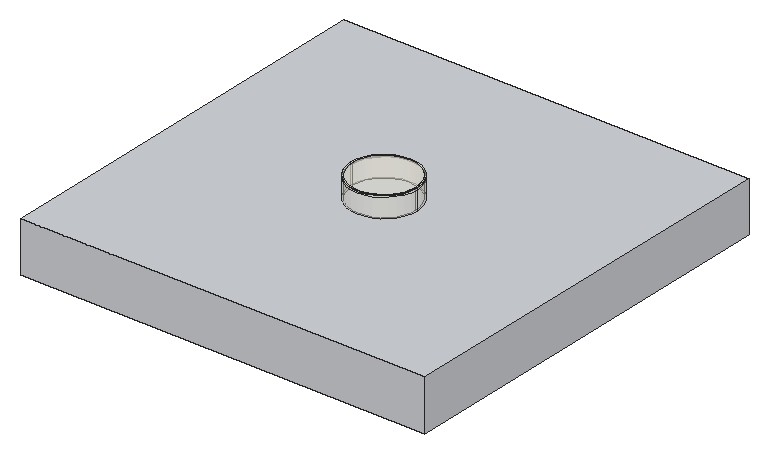
Revit family "M_Luminária de arandela - Redonda plana", category Luminárias, Revit 2019
Family settings
  Hospedeiro = Face
  Cota do conector redondo = Utilizar diâmetro
  Tipo de parte = Normal
  Número OmniClass = 23.80.70.11.11
  Título OmniClass = General Luminaries, Non Directional
  ID de item do Seek = Sconce Light - Flat Round-0000-CAN-ENU
  Corte com vazios quando carregada = Não
  Fonte luminosa = Sim
  Compartilhado = Não
  Ponto de cálculo do ambiente = Não
Parameters (values of type "100W - 120V")
  Wattage = 100 W
  built-in parameter 1150110 = 1 (stored number, unit not read)
  built-in parameter 1150109 = 1 (stored number, unit not read)
  built-in parameter 1150134 = 4
  built-in parameter 1150113 = 1 (stored number, unit not read)
  Tilt Angle = -90.00°
  Material de sombra = Vidro, Jateado
  Raio = 200 mm
  Arquivo de rede fotométrica = "TLAE1A21.ies"
  Lumens = 1200 lm
  built-in parameter 1114217 = 1 (stored number, unit not read)
  built-in parameter 1150115 = 1 (stored number, unit not read)
  built-in parameter 1150105 = 95.493 (stored number, unit not read)
  Classificação de carga = Iluminação - Unidade de interrupção
  built-in parameter 1150137 = 1
  built-in parameter 1150139 = (empty or 0)
  built-in parameter 1150112 = 1 (stored number, unit not read)
  built-in parameter 1150114 = 1 (stored number, unit not read)
  Lâmpada = "R-30"
  built-in parameter 1150132 = (empty or 0)
  built-in parameter 1150102 = (empty or 0)
  built-in parameter 1150138 = (empty or 0)
  built-in parameter 1150107 = 2800 (stored number, unit not read)
  built-in parameter 1150106 = 0.95493 (stored number, unit not read)
  built-in parameter 1150104 = 1.1148 (stored number, unit not read)
  Dimming Lamp Color Temperature Shift = (empty or 0)
  Elevação-padrão = 1900 mm
  Color Filter = 16777215
  built-in parameter 1140040 [instance] = 1
  Voltagem do transformador = 120 V
  Transformador por número de postes = 1
  built-in parameter 1114218 = 1 (stored number, unit not read)
  built-in parameter 1150133 = 10 (stored number, unit not read)
  Código de montagem = "D5020220"
  Carga aparente = 100 VA
Types (4, lengths in mm): name | Wattage | Arquivo de rede fotométrica | Lumens | built-in parameter 1150105 | Lâmpada | built-in parameter 1150106 | built-in parameter 1150104 | Voltagem do transformador | Carga aparente
  60W - 120V | 60 W | "TLAE1A19.ies" | 855 lm | 68.039 (stored number, unit not read) | "A-19" | 0.68039 (stored number, unit not read) | 1.3239 (stored number, unit not read) | 120 V | 60 VA
  60W - 277V | 60 W | "TLAE1A19.ies" | 855 lm | 68.039 (stored number, unit not read) | "A-19" | 0.68039 (stored number, unit not read) | 1.3239 (stored number, unit not read) | 277 V | 60 VA
  100W - 120V | 100 W | "TLAE1A21.ies" | 1200 lm | 95.493 (stored number, unit not read) | "R-30" | 0.95493 (stored number, unit not read) | 1.1148 (stored number, unit not read) | 120 V | 100 VA
  100W - 277V | 100 W | "TLAE1A21.ies" | 1200 lm | 95.493 (stored number, unit not read) | "R-30" | 0.95493 (stored number, unit not read) | 1.1148 (stored number, unit not read) | 277 V | 100 VA
Reference planes
  plane 1 "Centro (Frente/Trás)": y = 0
  plane 2: z = 0
  plane 3 "Centro (Esquerda/Direita)": x = 0
  plane 4: z = 63.5
Forms (mm)
  Extrusion 1, solid
    sketch origin (0, 0, 0) x (1, 0, 0) y (0, 1, 0)
      loop
        line (-1219.2, 1219.2) -> (-1219.2, -1219.2) -> (1219.2, -1219.2) -> (1219.2, 1219.2) -> (-1219.2, 1219.2)
    from 0 to -304.8
  Extrusion 2, solid, material "Vidro, Jateado" <- "Material de sombra"
    sketch origin (0, 0, 0) x (1, 0, 0) y (0, 1, 0)
      loop
        circle (0, 0) r 200
      loop
        circle (0, 0) r 190.5
    from 0 to 127
  Extrusion 3, solid, material "Vidro, Jateado" <- "Material de sombra"
    sketch origin (0, 0, 0) x (1, 0, 0) y (0, 1, 0)
      loop
        circle (0, 0) r 200
    from 114.3 to 127
  Extrusion 4, solid, material "Vidro, Jateado" <- "Material de sombra"
    sketch origin (0, 0, 0) x (1, 0, 0) y (0, 1, 0)
      loop
        circle (0, 0) r 200
    from 0 to 127
Dimensions and locks
  locked: plane 4 to plane 2 at 63.5
  "Raio": radius of Extrusion 4 sketch curve
  "Raio": radius of Extrusion 3 sketch curve
  "Raio": radius of Extrusion 2 sketch curve
  aligned and locked: plane 2 to Extrusion 1
  aligned and locked: level to Extrusion 1
  aligned and locked: plane 3 "Centro (Esquerda/Direita)" to Extrusion 2 sketch curve  (x2)
  aligned and locked: plane 1 "Centro (Frente/Trás)" to Extrusion 2 sketch curve  (x2)
  aligned and locked: Extrusion 2 to plane 2
  aligned and locked: plane 3 "Centro (Esquerda/Direita)" to Extrusion 3 sketch curve
  aligned and locked: plane 1 "Centro (Frente/Trás)" to Extrusion 3 sketch curve
  aligned and locked: Extrusion 3 to Extrusion 2
  aligned and locked: plane 3 "Centro (Esquerda/Direita)" to Extrusion 4 sketch curve
  aligned and locked: plane 1 "Centro (Frente/Trás)" to Extrusion 4 sketch curve
  aligned and locked: Extrusion 4 to plane 2
  aligned and locked: plane 1 "Centro (Frente/Trás)" to imposter light
  aligned and locked: plane 4 to imposter light
  aligned and locked: plane 3 "Centro (Esquerda/Direita)" to imposter light
Automatic sketch dimensions
  Extrusion 1 sketch curve to Extrusion 1 sketch curve = 2438.4 mm  (x2)
  radius of Extrusion 2 sketch curve = 190.5 mm
Connectors
  electrical at (0, 0, 127), driven by "Carga aparente", driven by "Voltagem do transformador", driven by "Transformador por número de postes", driven by "Classificação de carga"
    settings: on Extrusion 3, index 1, voltage 120 V, apparent load 0 VA, apparent load phase1 100 VA, apparent load phase2 0 VA, apparent load phase3 0 VA, power factor 0.95, load classification "Iluminação - Unidade de interrupção", number of poles 1, system type 31, power factor state 1, is connector primary yes, connector utility no, sub classification motor no, connector description ""
